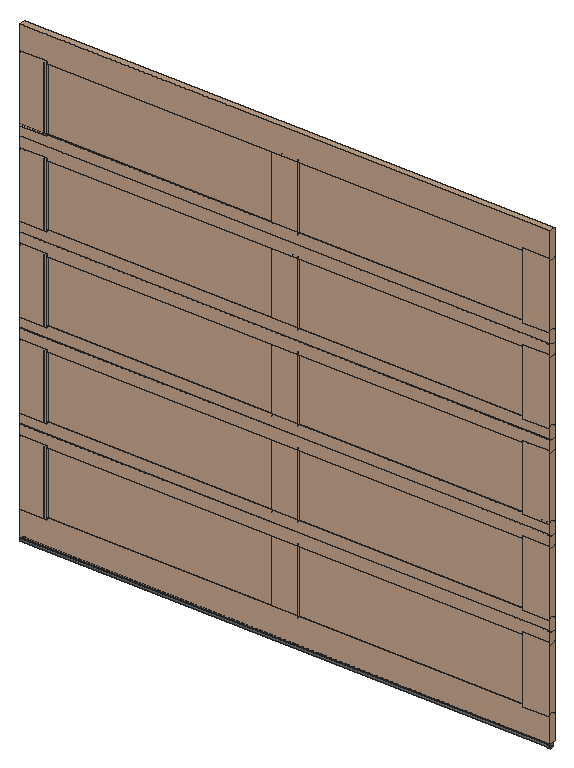
Revit family "GSNGL V 10P", category Doors, host Wall, Revit 2024
Family settings
  Host = Wall
  OmniClass Number = 23.30.10.00
  OmniClass Title = Doors
  Always vertical = Yes
  Cut with Voids When Loaded = No
  Shared = No
  Room Calculation Point = No
Parameters
  Wall Opening [instance] = 4880 mm
  Function = Interior
  Frame Projection Ext. = 25 mm
  Frame Projection Int. = 25 mm
  Frame Width = 75 mm
  Height = 2135 mm
  Wall Closure = By host
  Width = 2440 mm
Reference planes
  plane 1: y = 0
  plane 2 "Center (Left/Right)": x = 0
  plane 3: z = 2135
  plane 4 "Exterior": y = 75
  plane 5 "Interior": y = -75
  plane 6 "Garage Bottom": y = 75
  plane 7: z = 19.954
  plane 8 "Garage Top": z = 2190
  plane 9 "Garage Right": x = -1250
  plane 10 "Garage Left": x = 1250
Forms (mm)
  Extrusion 1, solid, material "Rubber"
    sketch origin (1220, -35, -0.049) x (0, 1, 0) y (0, 0, 1)
      loop
        line (-111, 19.909) -> (-111, 16.909) -> (-106, 16.909) -> (-106, 14.004)
        spline (-106, 14.004) -> (-109.192, 11.809) -> (-110.848, 8.808) -> (-110.659, 5.562) -> (-108.66, 2.681) -> (-105.226, 0.703) -> (-101, 0) -> (-96.774, 0.703) -> (-93.34, 2.681) -> (-91.341, 5.562) -> (-91.152, 8.808) -> (-92.808, 11.809) -> (-96, 14.004)
        line (-96, 14.004) -> (-96, 16.909) -> (-91, 16.909) -> (-91, 19.909) -> (-111, 19.909)
      loop
        line (-98, 16.909) -> (-104, 16.909) -> (-104, 14.633)
        arc (-104, 14.633) -> (-101, 15.009) -> (-98, 14.633) r 12.129
        line (-98, 14.633) -> (-98, 16.909)
      loop
        spline (-101, 1.513) -> (-98.929, 1.717) -> (-97, 2.316) -> (-95.343, 3.268) -> (-94.072, 4.509) -> (-93.273, 5.954) -> (-93, 7.505) -> (-93.273, 9.055) -> (-94.072, 10.501) -> (-95.343, 11.742) -> (-97, 12.694) -> (-98.929, 13.292) -> (-101, 13.496)
        spline (-101, 13.496) -> (-103.071, 13.292) -> (-105, 12.694) -> (-106.657, 11.742) -> (-107.928, 10.501) -> (-108.727, 9.055) -> (-109, 7.505) -> (-108.727, 5.954) -> (-107.928, 4.509) -> (-106.657, 3.268) -> (-105, 2.316) -> (-103.071, 1.717) -> (-101, 1.513)
    from -2470 to 30
  Extrusion 2, solid, material "VERSAWOOD (TEST)"
    sketch origin (891.047, 260, 1712.06) x (0, -1, 0) y (-1, 0, 0)
      loop
        line (405, 828.547) -> (405, 953.547) -> (400, 953.547) -> (400, 938.547) -> (390, 938.547) -> (390, 953.547) -> (385, 953.547) -> (385, 951.547)
        arc (385, 951.547) -> (379.704, 949.528) -> (377, 944.547) r 8.162
        line (377, 944.547) -> (375, 944.547) -> (375, 837.547) -> (377, 837.547)
        arc (377, 837.547) -> (379.704, 832.566) -> (385, 830.547) r 8.162
        line (385, 830.547) -> (385, 828.547) -> (390, 828.547) -> (390, 843.547) -> (400, 843.547) -> (400, 828.547) -> (405, 828.547)
    from 46.8 to 358.8
  Extrusion 3, solid, material "VERSAWOOD (TEST)"
    sketch origin (891.047, 260, 1298.014) x (0, -1, 0) y (-1, 0, 0)
      loop
        line (405, 828.547) -> (405, 953.547) -> (400, 953.547) -> (400, 938.547) -> (390, 938.547) -> (390, 953.547) -> (385, 953.547) -> (385, 951.547)
        arc (385, 951.547) -> (379.704, 949.528) -> (377, 944.547) r 8.162
        line (377, 944.547) -> (375, 944.547) -> (375, 837.547) -> (377, 837.547)
        arc (377, 837.547) -> (379.704, 832.566) -> (385, 830.547) r 8.162
        line (385, 830.547) -> (385, 828.547) -> (390, 828.547) -> (390, 843.547) -> (400, 843.547) -> (400, 828.547) -> (405, 828.547)
    from 37.754 to 349.754
  Extrusion 4, solid, material "VERSAWOOD (TEST)"
    sketch origin (891.047, 260, 893.014) x (0, -1, 0) y (-1, 0, 0)
      loop
        line (405, 828.547) -> (405, 953.547) -> (400, 953.547) -> (400, 938.547) -> (390, 938.547) -> (390, 953.547) -> (385, 953.547) -> (385, 951.547)
        arc (385, 951.547) -> (379.704, 949.528) -> (377, 944.547) r 8.162
        line (377, 944.547) -> (375, 944.547) -> (375, 837.547) -> (377, 837.547)
        arc (377, 837.547) -> (379.704, 832.566) -> (385, 830.547) r 8.162
        line (385, 830.547) -> (385, 828.547) -> (390, 828.547) -> (390, 843.547) -> (400, 843.547) -> (400, 828.547) -> (405, 828.547)
    from 37.754 to 350.954
  Extrusion 5, solid, material "VERSAWOOD (TEST)"
    sketch origin (891.047, 260, 486.814) x (0, -1, 0) y (-1, 0, 0)
      loop
        line (405, 828.547) -> (405, 953.547) -> (400, 953.547) -> (400, 938.547) -> (390, 938.547) -> (390, 953.547) -> (385, 953.547) -> (385, 951.547)
        arc (385, 951.547) -> (379.704, 949.528) -> (377, 944.547) r 8.162
        line (377, 944.547) -> (375, 944.547) -> (375, 837.547) -> (377, 837.547)
        arc (377, 837.547) -> (379.704, 832.566) -> (385, 830.547) r 8.162
        line (385, 830.547) -> (385, 828.547) -> (390, 828.547) -> (390, 843.547) -> (400, 843.547) -> (400, 828.547) -> (405, 828.547)
    from 37.754 to 350.954
  Extrusion 6, solid, material "VERSAWOOD (TEST)"
    sketch origin (-931.822, 260, 1706.06) x (0, -1, 0) y (-1, 0, 0)
      loop
        line (375, -2180.828) -> (405, -2180.828) -> (405, -2055.828) -> (400, -2055.828) -> (400, -2070.828) -> (390, -2070.828) -> (390, -2055.828) -> (385, -2055.828) -> (385, -2057.828)
        arc (385, -2057.828) -> (379.704, -2059.847) -> (377, -2064.828) r 8.162
        line (377, -2064.828) -> (375, -2064.828) -> (375, -2180.828)
      loop
        line (375, 318.178) -> (375, 202.178) -> (377, 202.178)
        arc (377, 202.178) -> (379.704, 197.197) -> (385, 195.178) r 8.162
        line (385, 195.178) -> (385, 193.178) -> (390, 193.178) -> (390, 208.178) -> (400, 208.178) -> (400, 193.178) -> (405, 193.178) -> (405, 318.178) -> (375, 318.178)
    from 40.8 to 352.8
  Extrusion 7, solid, material "VERSAWOOD (TEST 2)"
    sketch origin (-3675, -40, 2189.314) x (0, -1, 0) y (0, 0, 1)
      loop
        line (105, 0.546) -> (75, 0.546) -> (75, -115.454) -> (77, -115.454)
        arc (77, -115.454) -> (79.704, -120.435) -> (85, -122.454) r 8.162
        line (85, -122.454) -> (85, -124.454) -> (90, -124.454) -> (90, -109.454) -> (100, -109.454) -> (100, -124.454) -> (105, -124.454) -> (105, 0.546)
    from -4925 to -2425
  Extrusion 8, solid, material "VERSAWOOD (TEST 2)"
    sketch origin (25, -40, -1197.897) x (0, -1, 0) y (0, 0, -1)
      loop
        line (100, -1637.957) -> (100, -1652.957) -> (90, -1652.957) -> (90, -1637.957) -> (85, -1637.957) -> (85, -1639.957)
        arc (85, -1639.957) -> (79.704, -1641.976) -> (77, -1646.957) r 8.162
        line (77, -1646.957) -> (75, -1646.957) -> (75, -1687.957) -> (88.766, -1687.957)
        arc (88.766, -1687.957) -> (89.387, -1688.043) -> (89.961, -1688.296) r 2.273
        line (89.961, -1688.296) -> (101.805, -1695.617)
        arc (101.805, -1695.617) -> (102.379, -1695.87) -> (103, -1695.957) r 2.273
        line (103, -1695.957) -> (105, -1695.957) -> (105, -1637.957) -> (100, -1637.957)
      loop
        line (100, -1748.957) -> (105, -1748.957) -> (105, -1696.957) -> (103, -1696.957)
        arc (103, -1696.957) -> (102.106, -1696.832) -> (101.279, -1696.468) r 3.273
        line (101.279, -1696.468) -> (89.127, -1688.957) -> (75, -1688.957) -> (75, -1739.957) -> (77, -1739.957)
        arc (77, -1739.957) -> (79.704, -1744.938) -> (85, -1746.957) r 8.162
        line (85, -1746.957) -> (85, -1748.957) -> (90, -1748.957) -> (90, -1733.957) -> (100, -1733.957) -> (100, -1748.957)
    from -1275 to 1225
  Extrusion 9, solid, material "VERSAWOOD (TEST 2)"
    sketch origin (25, -40, -791.697) x (0, -1, 0) y (0, 0, -1)
      loop
        line (100, -1637.957) -> (100, -1652.957) -> (90, -1652.957) -> (90, -1637.957) -> (85, -1637.957) -> (85, -1639.957)
        arc (85, -1639.957) -> (79.704, -1641.976) -> (77, -1646.957) r 8.162
        line (77, -1646.957) -> (75, -1646.957) -> (75, -1687.957) -> (88.766, -1687.957)
        arc (88.766, -1687.957) -> (89.387, -1688.043) -> (89.961, -1688.296) r 2.273
        line (89.961, -1688.296) -> (101.805, -1695.617)
        arc (101.805, -1695.617) -> (102.379, -1695.87) -> (103, -1695.957) r 2.273
        line (103, -1695.957) -> (105, -1695.957) -> (105, -1637.957) -> (100, -1637.957)
      loop
        line (100, -1748.957) -> (105, -1748.957) -> (105, -1696.957) -> (103, -1696.957)
        arc (103, -1696.957) -> (102.106, -1696.832) -> (101.279, -1696.468) r 3.273
        line (101.279, -1696.468) -> (89.127, -1688.957) -> (75, -1688.957) -> (75, -1739.957) -> (77, -1739.957)
        arc (77, -1739.957) -> (79.704, -1744.938) -> (85, -1746.957) r 8.162
        line (85, -1746.957) -> (85, -1748.957) -> (90, -1748.957) -> (90, -1733.957) -> (100, -1733.957) -> (100, -1748.957)
    from -1275 to 1225
  Extrusion 10, solid, material "VERSAWOOD (TEST 2)"
    sketch origin (25, -40, -386.697) x (0, -1, 0) y (0, 0, -1)
      loop
        line (100, -1637.957) -> (100, -1652.957) -> (90, -1652.957) -> (90, -1637.957) -> (85, -1637.957) -> (85, -1639.957)
        arc (85, -1639.957) -> (79.704, -1641.976) -> (77, -1646.957) r 8.162
        line (77, -1646.957) -> (75, -1646.957) -> (75, -1687.957) -> (88.766, -1687.957)
        arc (88.766, -1687.957) -> (89.387, -1688.043) -> (89.961, -1688.296) r 2.273
        line (89.961, -1688.296) -> (101.805, -1695.617)
        arc (101.805, -1695.617) -> (102.379, -1695.87) -> (103, -1695.957) r 2.273
        line (103, -1695.957) -> (105, -1695.957) -> (105, -1637.957) -> (100, -1637.957)
      loop
        line (100, -1748.957) -> (105, -1748.957) -> (105, -1696.957) -> (103, -1696.957)
        arc (103, -1696.957) -> (102.106, -1696.832) -> (101.279, -1696.468) r 3.273
        line (101.279, -1696.468) -> (89.127, -1688.957) -> (75, -1688.957) -> (75, -1739.957) -> (77, -1739.957)
        arc (77, -1739.957) -> (79.704, -1744.938) -> (85, -1746.957) r 8.162
        line (85, -1746.957) -> (85, -1748.957) -> (90, -1748.957) -> (90, -1733.957) -> (100, -1733.957) -> (100, -1748.957)
    from -1275 to 1225
  Extrusion 11, solid, material "VERSAWOOD (TEST 2)"
    sketch origin (25, -40, 18.303) x (0, -1, 0) y (0, 0, -1)
      loop
        line (100, -1637.957) -> (100, -1652.957) -> (90, -1652.957) -> (90, -1637.957) -> (85, -1637.957) -> (85, -1639.957)
        arc (85, -1639.957) -> (79.704, -1641.976) -> (77, -1646.957) r 8.162
        line (77, -1646.957) -> (75, -1646.957) -> (75, -1687.957) -> (88.766, -1687.957)
        arc (88.766, -1687.957) -> (89.387, -1688.043) -> (89.961, -1688.296) r 2.273
        line (89.961, -1688.296) -> (101.805, -1695.617)
        arc (101.805, -1695.617) -> (102.379, -1695.87) -> (103, -1695.957) r 2.273
        line (103, -1695.957) -> (105, -1695.957) -> (105, -1637.957) -> (100, -1637.957)
      loop
        line (100, -1748.957) -> (105, -1748.957) -> (105, -1696.957) -> (103, -1696.957)
        arc (103, -1696.957) -> (102.106, -1696.832) -> (101.279, -1696.468) r 3.273
        line (101.279, -1696.468) -> (89.127, -1688.957) -> (75, -1688.957) -> (75, -1739.957) -> (77, -1739.957)
        arc (77, -1739.957) -> (79.704, -1744.938) -> (85, -1746.957) r 8.162
        line (85, -1746.957) -> (85, -1748.957) -> (90, -1748.957) -> (90, -1733.957) -> (100, -1733.957) -> (100, -1748.957)
    from -1275 to 1225
  Extrusion 12, solid, material "VERSAWOOD (TEST 2)"
    sketch origin (-3675, -40, 19.206) x (0, -1, 0) y (0, 0, 1)
      loop
        line (105, 0.654) -> (105, 125.654) -> (100, 125.654) -> (100, 110.654) -> (90, 110.654) -> (90, 125.654) -> (85, 125.654) -> (85, 123.654)
        arc (85, 123.654) -> (79.704, 121.635) -> (77, 116.654) r 8.162
        line (77, 116.654) -> (75, 116.654) -> (75, 0.654) -> (105, 0.654)
    from -4925 to -2425
  Extrusion 13, solid, material "VERSAWOOD (TEST)"
    sketch origin (-931.822, 260, 1301.06) x (0, -1, 0) y (-1, 0, 0)
      loop
        line (375, -2180.828) -> (405, -2180.828) -> (405, -2055.828) -> (400, -2055.828) -> (400, -2070.828) -> (390, -2070.828) -> (390, -2055.828) -> (385, -2055.828) -> (385, -2057.828)
        arc (385, -2057.828) -> (379.704, -2059.847) -> (377, -2064.828) r 8.162
        line (377, -2064.828) -> (375, -2064.828) -> (375, -2180.828)
      loop
        line (375, 318.178) -> (375, 202.178) -> (377, 202.178)
        arc (377, 202.178) -> (379.704, 197.197) -> (385, 195.178) r 8.162
        line (385, 195.178) -> (385, 193.178) -> (390, 193.178) -> (390, 208.178) -> (400, 208.178) -> (400, 193.178) -> (405, 193.178) -> (405, 318.178) -> (375, 318.178)
    from 40.8 to 352.8
  Extrusion 14, solid, material "VERSAWOOD (TEST)"
    sketch origin (-931.822, 260, 896.06) x (0, -1, 0) y (-1, 0, 0)
      loop
        line (375, -2180.828) -> (405, -2180.828) -> (405, -2055.828) -> (400, -2055.828) -> (400, -2070.828) -> (390, -2070.828) -> (390, -2055.828) -> (385, -2055.828) -> (385, -2057.828)
        arc (385, -2057.828) -> (379.704, -2059.847) -> (377, -2064.828) r 8.162
        line (377, -2064.828) -> (375, -2064.828) -> (375, -2180.828)
      loop
        line (375, 318.178) -> (375, 202.178) -> (377, 202.178)
        arc (377, 202.178) -> (379.704, 197.197) -> (385, 195.178) r 8.162
        line (385, 195.178) -> (385, 193.178) -> (390, 193.178) -> (390, 208.178) -> (400, 208.178) -> (400, 193.178) -> (405, 193.178) -> (405, 318.178) -> (375, 318.178)
    from 40.8 to 354
  Extrusion 15, solid, material "VERSAWOOD (TEST)"
    sketch origin (-931.822, 260, 491.86) x (0, -1, 0) y (-1, 0, 0)
      loop
        line (375, -2180.828) -> (405, -2180.828) -> (405, -2055.828) -> (400, -2055.828) -> (400, -2070.828) -> (390, -2070.828) -> (390, -2055.828) -> (385, -2055.828) -> (385, -2057.828)
        arc (385, -2057.828) -> (379.704, -2059.847) -> (377, -2064.828) r 8.162
        line (377, -2064.828) -> (375, -2064.828) -> (375, -2180.828)
      loop
        line (375, 318.178) -> (375, 202.178) -> (377, 202.178)
        arc (377, 202.178) -> (379.704, 197.197) -> (385, 195.178) r 8.162
        line (385, 195.178) -> (385, 193.178) -> (390, 193.178) -> (390, 208.178) -> (400, 208.178) -> (400, 193.178) -> (405, 193.178) -> (405, 318.178) -> (375, 318.178)
    from 42.8 to 356
  Extrusion 16, solid, material "VERSAWOOD (TEST)"
    sketch origin (891.047, 260, 2120.66) x (0, -1, 0) y (-1, 0, 0)
      loop
        line (405, 828.547) -> (405, 953.547) -> (400, 953.547) -> (400, 938.547) -> (390, 938.547) -> (390, 953.547) -> (385, 953.547) -> (385, 951.547)
        arc (385, 951.547) -> (379.704, 949.528) -> (377, 944.547) r 8.162
        line (377, 944.547) -> (375, 944.547) -> (375, 837.547) -> (377, 837.547)
        arc (377, 837.547) -> (379.704, 832.566) -> (385, 830.547) r 8.162
        line (385, 830.547) -> (385, 828.547) -> (390, 828.547) -> (390, 843.547) -> (400, 843.547) -> (400, 828.547) -> (405, 828.547)
    from 46.8 to 362.4
  Extrusion 17, solid, material "VERSAWOOD (TEST)"
    sketch origin (-931.822, 260, 2114.66) x (0, -1, 0) y (-1, 0, 0)
      loop
        line (375, -2180.828) -> (405, -2180.828) -> (405, -2055.828) -> (400, -2055.828) -> (400, -2070.828) -> (390, -2070.828) -> (390, -2055.828) -> (385, -2055.828) -> (385, -2057.828)
        arc (385, -2057.828) -> (379.704, -2059.847) -> (377, -2064.828) r 8.162
        line (377, -2064.828) -> (375, -2064.828) -> (375, -2180.828)
      loop
        line (375, 318.178) -> (375, 202.178) -> (377, 202.178)
        arc (377, 202.178) -> (379.704, 197.197) -> (385, 195.178) r 8.162
        line (385, 195.178) -> (385, 193.178) -> (390, 193.178) -> (390, 208.178) -> (400, 208.178) -> (400, 193.178) -> (405, 193.178) -> (405, 318.178) -> (375, 318.178)
    from 40.846 to 356.4
  Extrusion 18, solid, material "VERSAWOOD (TEST 4 )"
    sketch origin (-3728.244, -40, 1243.26) x (1, 0, 0) y (0, 1, 0)
      loop
        line (2594.244, -90) -> (2594.244, -100) -> (3674.744, -100) -> (3674.744, -90) -> (2594.244, -90)
      loop
        line (3781.744, -90) -> (3781.744, -100) -> (4861.25, -100) -> (4861.25, -90) -> (3781.744, -90)
    from 110 to 422
  Extrusion 19, solid, material "VERSAWOOD (TEST 4 )"
    sketch origin (-2524.494, -40, 838.26) x (1, 0, 0) y (0, 1, 0)
      loop
        line (2577.994, -90) -> (2577.994, -100) -> (3657.5, -100) -> (3657.5, -90) -> (2577.994, -90)
    from 110 to 422
  Extrusion 20, solid, material "VERSAWOOD (TEST 4 )"
    sketch origin (-3719.125, -40, 838.26) x (1, 0, 0) y (0, 1, 0)
      loop
        line (2585.125, -90) -> (2585.125, -100) -> (3665.625, -100) -> (3665.625, -90) -> (2585.125, -90)
    from 110 to 422
  Extrusion 21, solid, material "VERSAWOOD (TEST 4 )"
    sketch origin (-4920.75, -40, 27.06) x (1, 0, 0) y (0, 1, 0)
      loop
        line (4974.25, -90) -> (4974.25, -100) -> (6053.756, -100) -> (6053.756, -90) -> (4974.25, -90)
    from 108.8 to 422
  Extrusion 22, solid, material "VERSAWOOD (TEST 4 )"
    sketch origin (-4298.75, -40, 27.06) x (1, 0, 0) y (0, 1, 0)
      loop
        line (3164.75, -90) -> (3164.75, -100) -> (4245.25, -100) -> (4245.25, -90) -> (3164.75, -90)
    from 110 to 422
  Extrusion 23, solid, material "VERSAWOOD (TEST 4 )"
    sketch origin (-4914.75, -40, 433.26) x (1, 0, 0) y (0, 1, 0)
      loop
        line (3780.75, -90) -> (3780.75, -100) -> (4861.25, -100) -> (4861.25, -90) -> (3780.75, -90)
      loop
        line (4968.25, -90) -> (4968.25, -100) -> (6047.756, -100) -> (6047.756, -90) -> (4968.25, -90)
    from 110 to 422
  Extrusion 24, solid, material "VERSAWOOD (TEST 4 )"
    sketch origin (-2524.494, -40, 1651.814) x (1, 0, 0) y (0, 1, 0)
      loop
        line (2577.994, -90) -> (2577.994, -100) -> (3657.5, -100) -> (3657.5, -90) -> (2577.994, -90)
    from 106.446 to 422.046
  Extrusion 25, solid, material "VERSAWOOD (TEST 4 )"
    sketch origin (-3719.125, -40, 1651.814) x (1, 0, 0) y (0, 1, 0)
      loop
        line (2585.125, -90) -> (2585.125, -100) -> (3665.625, -100) -> (3665.625, -90) -> (2585.125, -90)
    from 106.446 to 422
Lines and regions (mm)
  Opening 1
    outline origin (-5000, 75, 0) x (-1, 0, 0) y (0, 0, 1)
      loop
        line (-3780, 0) -> (-3780, 2135) -> (-6220, 2135) -> (-6220, 0) -> (-3780, 0)
  symbolic lines, style "Elevation Swing"
    curve 1: line (-1250, -2275, 1694) -> (1250, -2275, 1694)
    curve 2: line (-1250, -105, 1694) -> (-1250, -2275, 1694)
    curve 3: line (1250, -2275, 1694) -> (1250, -105, 1694)
Text (mm)
  text "Exterior" at (-2295.016, 1099.543, 0), in view "Ref. Level"
  text "Exterior" at (0, 1615.38, 3698.081), in view "Left"
  text "Exterior" at (0, 1036.032, 3874.932), in view "Right"
Dimensions and locks
  host wall to plane 3 = 2135 mm
  locked: plane 4 "Exterior" to host wall
  locked: plane 5 "Interior" to host wall
  plane 7 to plane 8 "Garage Top" = 2170.046 mm
  level to plane 7 = 19.954 mm
  plane 8 "Garage Top" to plane 7 = 2170.046 mm
  plane 9 "Garage Right" to plane 10 "Garage Left" = 2500 mm
  plane 10 "Garage Left" to plane 9 "Garage Right" = 2500 mm
  host wall to host wall = 2440 mm
  aligned and locked: plane 1 to host wall
